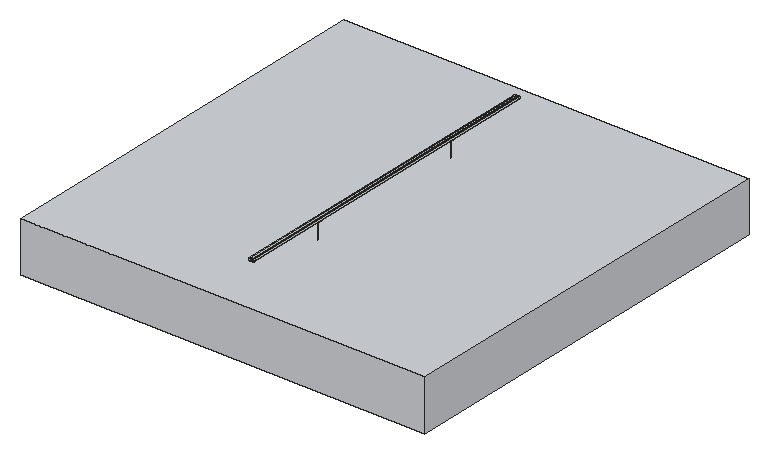
Revit family "LAMP_TRACK 48V", category Modelos genéricos, Revit 2015
Parameters (values of type "WHITE")
  Weight = 1.00 kg
  Product datasheet = "http://www.lamp.es/product-files/TECH/TLSUPR2000DW-EN.pdf"
  Product code = "TLSUPR2000DW"
  Product URL = "https://www.lamp.es/en/family/hance-48v_195581"
  Power Supply = "48V"
  Modelo = Product code  # "TLSUPR2000DW"
  Material = LAMP_Aluminio Carril BL
  Manufacturer name = "LAMP"
  Manufacturer country = "Spain"
  Manufacturer URL = "http://www.lamp.es/en"
  Last update = "29/03/2019"
  Installation instructions = "https://www.lamp.es/product-files/INS/1004480-INSTR.%20TRACK%2048V.pdf"
  Height suspension [instance] = 100 mm
  Finish = "RAL9010 textured"
  Fabricante = Manufacturer name  # "LAMP"
  Default Elevation = 1219.2 mm
  Dimensions = "2000 x 29 x 17"
  Descripción = "TRACK 48V DALI 2M WH."
  Altura susp. [instance] = if(Height suspension < 0 mm, 0 mm, if(Height suspension > 1500 mm, 1500 mm, Height suspension))  # 100 mm
  Accessory Type = "Assembly"
Types (2, lengths in mm): name | Product datasheet | Product code | Modelo | Material | Finish | Descripción
  BLACK | "http://www.lamp.es/product-files/TECH/TLSUPR2000DB-EN.pdf" | "TLSUPR2000DB" | "TLSUPR2000DB" | LAMP_Aluminio Carril NG | "RAL9011 textured" | "TRACK 48V DALI 2M BK."
  WHITE | "http://www.lamp.es/product-files/TECH/TLSUPR2000DW-EN.pdf" | "TLSUPR2000DW" | "TLSUPR2000DW" | LAMP_Aluminio Carril BL | "RAL9010 textured" | "TRACK 48V DALI 2M WH."
Reference planes
  plane 1 "Centro (Frontal/Posterior)": y = 0
  plane 2: z = 0
  plane 3 "Centro (Izquierda/Derecha)": x = 0
  plane 4: z = 100
Forms (mm)
  Extrusion 1, solid
    sketch origin (0, 0, 0) x (1, 0, 0) y (0, 1, 0)
      loop
        line (-1219.2, 1219.2) -> (-1219.2, -1219.2) -> (1219.2, -1219.2) -> (1219.2, 1219.2) -> (-1219.2, 1219.2)
    from 0 to -304.8
  Extrusion 2, solid, material "LAMP_Aluminio Carril BL" <- "Material"
    sketch origin (0, 0, -21.81) x (1, 0, 0) y (0, 0, 1)
      loop
        arc (-13.5, 138.71) -> (-14.207, 138.417) -> (-14.5, 137.71) r 1
        line (-14.5, 137.71) -> (-14.5, 124.993)
        arc (-14.5, 124.993) -> (-14.329, 124.581) -> (-13.917, 124.41) r 0.583
        line (-13.917, 124.41) -> (-13, 124.41) -> (-13, 125.81) -> (-9.7, 125.81) -> (-9.7, 124.61) -> (-10.7, 124.61) -> (-10.7, 123.71) -> (0.5, 123.71) -> (0.5, 125.21) -> (8, 125.21) -> (8, 123.71) -> (10.7, 123.71) -> (10.7, 124.61) -> (9.7, 124.61) -> (9.7, 125.81) -> (13, 125.81) -> (13, 124.41) -> (13.917, 124.41)
        arc (13.917, 124.41) -> (14.329, 124.581) -> (14.5, 124.993) r 0.583
        line (14.5, 124.993) -> (14.5, 137.71)
        arc (14.5, 137.71) -> (14.207, 138.417) -> (13.5, 138.71) r 1
        line (13.5, 138.71) -> (8, 138.71)
        arc (8, 138.71) -> (7.293, 138.417) -> (7, 137.71) r 1
        line (7, 137.71) -> (7, 127.88)
        arc (7, 127.88) -> (6.716, 127.194) -> (6.03, 126.91) r 0.97
        line (6.03, 126.91) -> (-0.9, 126.91) -> (-0.9, 125.21) -> (-5.981, 125.21)
        arc (-5.981, 125.21) -> (-6.702, 125.508) -> (-7, 126.229) r 1.019
        line (-7, 126.229) -> (-7, 137.71)
        arc (-7, 137.71) -> (-7.293, 138.417) -> (-8, 138.71) r 1
        line (-8, 138.71) -> (-13.5, 138.71)
    from -1000 to 1000
  Extrusion 3, solid, material "LAMP_Aluminio Carril BL" <- "Material"
    sketch origin (0, 0, -21.81) x (1, 0, 0) y (0, 0, 1)
      loop
        line (9.7, 125.81) -> (9.7, 124.61) -> (10.7, 124.61) -> (10.7, 123.71) -> (-10.7, 123.71) -> (-10.7, 124.61) -> (-9.7, 124.61) -> (-9.7, 125.81) -> (-13, 125.81) -> (-13, 121.81) -> (13, 121.81) -> (13, 125.81) -> (9.7, 125.81)
    from 510 to 490
  Revolve 4, solid
    sketch origin (0, -500, 0) x (1, 0, 0) y (0, 0, 1)
      loop
        line (0, 100) -> (-2, 100) -> (-2, 92) -> (0, 92) -> (0, 100)
      axis (0, 100) -> (0, 92)
    angle from 0 to 360
  Revolve 5, solid
    sketch origin (0, -500, 0) x (1, 0, 0) y (0, 0, 1)
      loop
        line (0, 92) -> (-1, 92) -> (-1, 0) -> (0, 0) -> (0, 92)
      axis (0, 92) -> (0, 0)
    angle from 0 to 360
  Extrusion 6, solid, material "LAMP_Aluminio Carril BL" <- "Material"
    sketch origin (0, 0, -21.81) x (1, 0, 0) y (0, 0, 1)
      loop
        line (9.7, 125.81) -> (9.7, 124.61) -> (10.7, 124.61) -> (10.7, 123.71) -> (-10.7, 123.71) -> (-10.7, 124.61) -> (-9.7, 124.61) -> (-9.7, 125.81) -> (-13, 125.81) -> (-13, 121.81) -> (13, 121.81) -> (13, 125.81) -> (9.7, 125.81)
    from -510 to -490
  Revolve 7, solid
    sketch origin (0, 500, 0) x (1, 0, 0) y (0, 0, 1)
      loop
        line (0, 100) -> (-2, 100) -> (-2, 92) -> (0, 92) -> (0, 100)
      axis (0, 100) -> (0, 92)
    angle from 0 to 360
  Revolve 8, solid
    sketch origin (0, 500, 0) x (1, 0, 0) y (0, 0, 1)
      loop
        line (0, 92) -> (-1, 92) -> (-1, 0) -> (0, 0) -> (0, 92)
      axis (0, 92) -> (0, 0)
    angle from 0 to 360
Text (mm)
  text "Any modification of the parameters and properties of the LAMP BIM models must be executed and validated by the LAMP technical department.\n\nPhone: +34 93 736 68 00\n\nE-mail: lamp@lamp.es\n\n\n\nLAMP reserves the right to modify the technical specifications of its products." at (-13958.511, 20729.775, -9750.517), in view "Preview"
Dimensions and locks
  "Altura susp.": plane 4 to Extrusion 1
  aligned and locked: plane 2 to Extrusion 1
  aligned and locked: level to Extrusion 1
  aligned and locked: Extrusion 3 to plane 4
  aligned and locked: plane 4 to Revolve 4 sketch curve
Automatic sketch dimensions
  Extrusion 1 sketch curve to Extrusion 1 sketch curve = 2438.4 mm  (x2)
  Extrusion 2 sketch curve to plane 3 "Centro (Izquierda/Derecha)" = 14.5 mm
  Extrusion 2 sketch curve to Extrusion 2 sketch curve = 0.583 mm
  Extrusion 2 sketch curve to Extrusion 2 sketch curve = 1 mm  (x5)
  Extrusion 2 sketch curve to Extrusion 2 sketch curve = 0.917 mm  (x2)
  Extrusion 2 sketch curve to Extrusion 2 sketch curve = 2.3 mm  (x2)
  Extrusion 2 sketch curve to Extrusion 2 sketch curve = 5.5 mm  (x2)
  Extrusion 2 sketch curve to Extrusion 2 sketch curve = 2.7 mm
  Extrusion 2 sketch curve to Extrusion 2 sketch curve = 1.019 mm
  Extrusion 2 sketch curve to plane 3 "Centro (Izquierda/Derecha)" = 0.9 mm
  plane 3 "Centro (Izquierda/Derecha)" to Extrusion 2 sketch curve = 0.5 mm
  plane 3 "Centro (Izquierda/Derecha)" to Extrusion 2 sketch curve = 6.03 mm
  plane 3 "Centro (Izquierda/Derecha)" to Extrusion 2 sketch curve = 7 mm
  Extrusion 2 sketch curve to Extrusion 2 sketch curve = 1.97 mm
  Extrusion 2 sketch curve to Extrusion 2 sketch curve = 1.7 mm  (x2)
  plane 4 to Extrusion 2 sketch curve = 1.9 mm  (x2)
  Extrusion 2 sketch curve to Extrusion 2 sketch curve = 0.7 mm  (x2)
  Extrusion 2 sketch curve to Extrusion 2 sketch curve = 0.9 mm  (x2)
  Extrusion 2 sketch curve to Extrusion 2 sketch curve = 1.5 mm
  plane 4 to Extrusion 2 sketch curve = 3.4 mm
  Extrusion 2 sketch curve to Extrusion 2 sketch curve = 1.2 mm  (x2)
  Extrusion 2 sketch curve to Extrusion 2 sketch curve = 9.83 mm
  Extrusion 2 sketch curve to Extrusion 2 sketch curve = 11.9 mm
  Extrusion 3 sketch curve to plane 4 = 0 mm
  plane 4 to Extrusion 3 sketch curve = 4 mm  (x2)
  Extrusion 3 sketch curve to plane 3 "Centro (Izquierda/Derecha)" = 13 mm
  Extrusion 3 sketch curve to Extrusion 3 sketch curve = 2.3 mm  (x2)
  Extrusion 3 sketch curve to Extrusion 3 sketch curve = 1 mm  (x2)
  plane 3 "Centro (Izquierda/Derecha)" to Extrusion 3 sketch curve = 9.7 mm
  plane 4 to Extrusion 3 sketch curve = 1.9 mm
  Extrusion 3 sketch curve to Extrusion 3 sketch curve = 1.2 mm  (x2)
  Revolve 4 sketch curve to plane 3 "Centro (Izquierda/Derecha)" = 0 mm  (x2)
  Revolve 4 sketch curve to Revolve 4 sketch curve = 2 mm
  Revolve 4 sketch curve to plane 4 = 8 mm
  Revolve 4 sketch curve to level = 609.6 mm
  Revolve 4 sketch curve to Revolve 4 sketch curve = 2544.058 mm
  Revolve 5 sketch curve to level = 0 mm
  Revolve 5 sketch curve to plane 3 "Centro (Izquierda/Derecha)" = 0 mm  (x2)
  Revolve 5 sketch curve to Revolve 5 sketch curve = 1 mm
  Revolve 5 sketch curve to plane 4 = 8 mm
  Revolve 5 sketch curve to Revolve 5 sketch curve = 609.6 mm
  plane 4 to Revolve 5 sketch curve = 2509.058 mm
  Extrusion 6 sketch curve to plane 4 = 0 mm
  plane 4 to Extrusion 6 sketch curve = 4 mm  (x2)
  Extrusion 6 sketch curve to plane 3 "Centro (Izquierda/Derecha)" = 13 mm
  Extrusion 6 sketch curve to Extrusion 6 sketch curve = 2.3 mm  (x2)
  Extrusion 6 sketch curve to Extrusion 6 sketch curve = 1 mm  (x2)
  plane 3 "Centro (Izquierda/Derecha)" to Extrusion 6 sketch curve = 9.7 mm
  plane 4 to Extrusion 6 sketch curve = 1.9 mm
  Extrusion 6 sketch curve to Extrusion 6 sketch curve = 1.2 mm  (x2)
  Revolve 7 sketch curve to plane 4 = 0 mm
  Revolve 7 sketch curve to plane 3 "Centro (Izquierda/Derecha)" = 0 mm  (x2)
  Revolve 7 sketch curve to Revolve 7 sketch curve = 2 mm
  Revolve 7 sketch curve to plane 4 = 8 mm
  Revolve 7 sketch curve to level = 609.6 mm
  Revolve 7 sketch curve to Revolve 7 sketch curve = 2544.058 mm
  Revolve 8 sketch curve to level = 0 mm
  Revolve 8 sketch curve to plane 3 "Centro (Izquierda/Derecha)" = 0 mm  (x2)
  Revolve 8 sketch curve to Revolve 8 sketch curve = 1 mm
  Revolve 8 sketch curve to plane 4 = 8 mm
  Revolve 8 sketch curve to Revolve 8 sketch curve = 609.6 mm
  plane 4 to Revolve 8 sketch curve = 2509.058 mm
